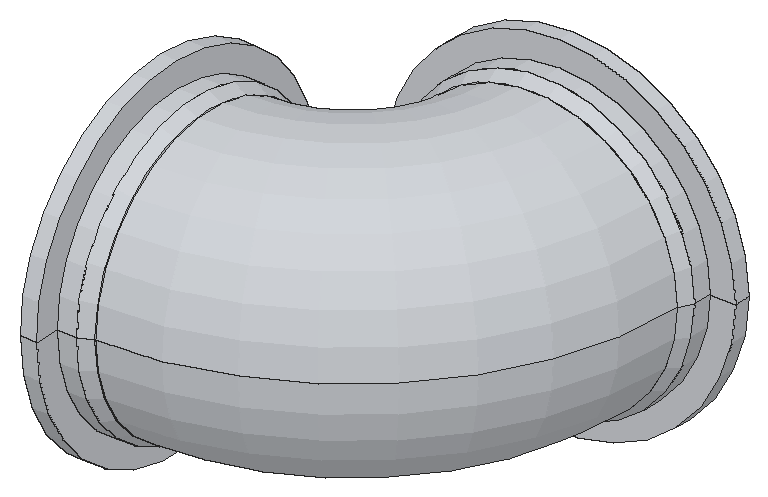
Revit family "808741decc5b48989ae23b4b4ee7c93f", category Pipe Fittings, Revit 2021
Family settings
  Round Connector Dimension = Use Radius
  Part Type = Elbow
  OmniClass Number = 23.60.30.11.14
  OmniClass Title = Pipework Fittings
  Seek Item ID = Elbow - Threaded - MI - Class 300-0000-USA-ENU
  Work Plane-Based = No
  Always vertical = Yes
  Cut with Voids When Loaded = No
  Shared = No
Parameters (values of type "Standard")
  Tick Size [instance] = Fitting Outside Diameter * 0.4  # 12.8000"
  Socket Outside Radius [instance] = Socket Outside Diameter / 2  # 16.7500"
  Socket Outside Diameter [instance] = size_lookup(Lookup Table Name, "SOD", 1.08 * Nominal Diameter + 1.1200", Nominal Diameter)  # 33.5000"
  Socket Depth [instance] = if(Nominal Diameter < 14.0000", 2.5000", if(Nominal Diameter < 30.0000", 3.5000", 4.0000"))  # 4.0000"
  Lookup Table Name = "Bend Compact - MJ - DI - Class 250"
  Length 5 [instance] = Bevel Length + Socket Depth  # 5.5000"
  Length 3 [instance] = sin(Angle) * (Center to Socket Bottom + Socket Depth)  # 25.5000"
  Length 2 [instance] = cos(Angle) * (Center to Socket Bottom + Socket Depth)  # 0.0000"
  Length 1 [instance] = Center to Socket Bottom - Bevel Length  # 20.0000"
  Gland Width [instance] = size_lookup(Lookup Table Name, "GWid", 0.03 * Nominal Diameter + 0.9400", Nominal Diameter)  # 1.8100"
  Gland Outside Diameter [instance] = size_lookup(Lookup Table Name, "GOD", 1.16 * Nominal Diameter + 4.0300", Nominal Diameter)  # 39.1200"
  Fitting Outside Radius [instance] = Fitting Outside Diameter / 2  # 16.0000"
  Fitting Outside Diameter [instance] = size_lookup(Lookup Table Name, "FOD", 1.04 * Nominal Diameter + 0.7000", Nominal Diameter)  # 32.0000"
  Nominal Radius [instance] = 15.0000"
  Nominal Diameter [instance] = Nominal Radius * 2  # 30.0000"
  Loss Method = K Coefficient from Table
  K Coefficient Table = "Long Radius Elbow"
  Default Elevation = 0.0000"
  Center to Socket Bottom [instance] = size_lookup(Lookup Table Name, "CtSB", Center to Socket Bottom Not Found, Nominal Diameter, Angle)  # 21.5000"
  Center Radius [instance] = Length 1 / tan(Angle / 2)  # 20.0000"
  Bevel Length [instance] = size_lookup(Lookup Table Name, "BvLgt", 0.04 * Nominal Diameter + 0.4300", Nominal Diameter)  # 1.5000"
  Center to Socket Bottom Not Found [instance] = if(Angle < 11.25°, 0.1 * Nominal Diameter + 0.9000", if(Angle < 45.00°, 0.27 * Nominal Diameter + 0.9900", 0.68 * Nominal Diameter + 1.2500"))  # 21.6500"
  Gland Outside Radius [instance] = Gland Outside Diameter / 2  # 19.5600"
  Assembly Code = ""
  Angle [instance] = 90.00°
Reference planes (in)
  plane 1 "Center (Front/Back)": y = 0
  plane 2: z = 0
  plane 3 "Center (Left/Right)": x = 0
  plane 4: x = -20
  plane 5: x = -20
  plane 6: y = 20
  plane 7: y = 12.8
  plane 8: y = -12.8
  plane 9: x = 0
  plane 10: y = 25.5
  plane 11: x = -25.5
  plane 12: x = -23.69
  plane 13: y = 19.56
  plane 14: y = 16.75
  plane 15: y = 16
  plane 16: x = -21.5
Forms (in)
  Revolve 1, solid, detail levels fine
    sketch origin (0, 25.5, 0) x (0, -1, 0) y (1, 0, 0)
      loop
        line (0, 0) -> (0, -19.56) -> (1.81, -19.56) -> (1.81, -16.75) -> (4, -16.75) -> (5.5, -16) -> (5.5, 0) -> (0, 0)
      axis (0, 0) -> (5.5, 0)
    angle from 0 to 360
  Revolve 2, solid, detail levels fine
    sketch origin (0, 0, 0) x (1, 0, 0) y (0, 1, 0)
      loop
        line (-25.5, 0) -> (-20, 0) -> (-20, 16) -> (-21.5, 16.75) -> (-23.69, 16.75) -> (-23.69, 19.56) -> (-25.5, 19.56) -> (-25.5, 0)
      axis (-25.5, 0) -> (-20, 0)
    angle from 0 to 360
  Sweep 3, solid, detail levels fine
    path origin (0, 0, 0) x (1, 0, 0) y (0, 1, 0)
      loop
        arc (-20, 0) -> (-5.85786, 5.85786) -> (0, 20) r 20
    profile origin (-20, 0, 0) x (0, 1, 0) y (0, 0, 1)
      loop
        circle (0, 0) r 16
Lines and regions (in)
  model lines, style "PipeFitting", detail levels coarse+medium
    curve 1: line (-25.5, 0, 0) -> (-20, 0, 0)
    curve 2: arc (-20, 0, 0) -> (-5.85786, 5.85786, 0) -> (0, 20, 0) r 20
    curve 6: line (0, 25.5, 0) -> (0, 20, 0)
  model lines, detail levels coarse+medium
    curve 3: line (-25.5, 0, 0) -> (-25.5, 12.8, 0)
    curve 4: line (-25.5, 0, 0) -> (-25.5, -12.8, 0)
    curve 7: line (12.8, 25.5, 0) -> (-12.8, 25.5, 0)
  reference lines, not visible
    curve 5: line (0, 25.5, 0) -> (0, 18.18528, 0)
Dimensions and locks (in)
  "Center Radius": plane 6 to plane 1 "Center (Front/Back)"
  "Tick Size": plane 7 to plane 1 "Center (Front/Back)"
  "Tick Size": plane 8 to plane 1 "Center (Front/Back)"
  "Socket Outside Radius": Revolve 1 sketch curve to Revolve 1 sketch curve
  "Gland Width": Revolve 1 sketch curve to Revolve 1 sketch curve
  "Fitting Outside Radius": Revolve 1 sketch curve to Revolve 1 sketch curve
  "Gland Outside Radius": Revolve 1 sketch curve to Revolve 1 sketch curve
  "Socket Depth": Revolve 1 sketch curve to Revolve 1 sketch curve
  "Length 1": plane 4 to plane 3 "Center (Left/Right)"
  "Length 3": plane 10 to plane 1 "Center (Front/Back)"
  "Gland Width": plane 11 to plane 12
  "Fitting Outside Radius": plane 15 to plane 1 "Center (Front/Back)"
  "Socket Outside Radius": plane 14 to plane 1 "Center (Front/Back)"
  "Gland Outside Radius": plane 13 to plane 1 "Center (Front/Back)"
  "Bevel Length": plane 16 to plane 5
  "Socket Depth": plane 11 to plane 16
  "Center to Socket Bottom": plane 16 to plane 3 "Center (Left/Right)"
  "Length 2": plane 3 "Center (Left/Right)" to plane 9
  "Length 5": Revolve 1 sketch curve to Revolve 1 sketch curve
  "Length 5": curve 6 to curve 6
  "Tick Size": curve 7 to curve 6
  "Tick Size": curve 6 to curve 7
  "Center Radius": radius of curve 2
  "Center Radius": radius of Sweep 3 sketch curve
  "Fitting Outside Radius": radius of Sweep 3 sketch curve
  "Angle": angle curve 2 to curve 2
  "Angle": angle plane 10 to curve 5
  "Angle": angle Sweep 3 sketch curve to Sweep 3 sketch curve
  locked: curve 6 to curve 7 (angle 90.00°)
  aligned and locked: plane 4 to curve 2
  aligned and locked: plane 7 to curve 3
  aligned and locked: plane 1 "Center (Front/Back)" to curve 4
  aligned and locked: plane 8 to curve 4
  aligned and locked: plane 9 to curve 5
  aligned and locked: plane 10 to curve 5
  aligned and locked: Revolve 1 sketch curve to curve 5
  aligned and locked: curve 4 to plane 11
  aligned and locked: Revolve 2 sketch curve to plane 13
  aligned and locked: plane 11 to Revolve 2 sketch curve
  aligned and locked: Revolve 2 sketch curve to plane 12
  aligned and locked: Revolve 2 sketch curve to plane 14
  aligned and locked: plane 16 to Revolve 2 sketch curve
  aligned and locked: Revolve 2 sketch curve to plane 5
  aligned and locked: plane 6 to Sweep 3 sketch curve
  aligned and locked: plane 5 to Sweep 3 sketch curve
  aligned and locked: curve 6 to curve 5
Automatic sketch dimensions
  plane 1 "Center (Front/Back)" to Revolve 2 sketch curve = 0.0000"  (x2)
  Revolve 2 sketch curve to plane 4 = 0.0000"
  Revolve 2 sketch curve to plane 11 = 0.7500"
  plane 15 to Revolve 2 sketch curve = 0.0000"
  Revolve 1 sketch curve to curve 5 = 0.0000"  (x2)
  Revolve 1 sketch curve to Revolve 1 sketch curve = 1.0000"
  Revolve 1 sketch curve to Revolve 1 sketch curve = 0.78127"
  Sweep 3 sketch curve to level = 0.0000"
  Sweep 3 sketch curve to profile plane = 0.0000"
Connectors (in)
  piping at (-25.5, 0, 0), diameter 30, driven by "Angle", driven by "Nominal Radius"
    settings: on Revolve 2, index 1, connector inside diameter 30.0000", connector length 0.0000", flow factor 0, pipe flow 0 GPM, pressure drop 0.00 psi, fitting loss kfactor 0, connector angle 90.00°, fixture units 0, engagement length 0.0000", angle of deflection 0.00°, flow configuration 0, flow direction 0, fitting loss method 0, system type 28, joint type 0, gender type 0, connector reference index 2, connector utility 0, adjustable connector no, is connector primary yes, connector description ""
  piping at (0, 25.5, 0), diameter 30, driven by "Angle", driven by "Nominal Radius"
    settings: on Revolve 1, index 2, connector inside diameter 30.0000", connector length 0.0000", flow factor 0, pipe flow 0 GPM, pressure drop 0.00 psi, fitting loss kfactor 0, connector angle 90.00°, fixture units 0, engagement length 0.0000", angle of deflection 0.00°, flow configuration 0, flow direction 0, fitting loss method 0, system type 28, joint type 0, gender type 0, connector reference index 1, connector utility 0, adjustable connector no, is connector primary no, connector description ""
